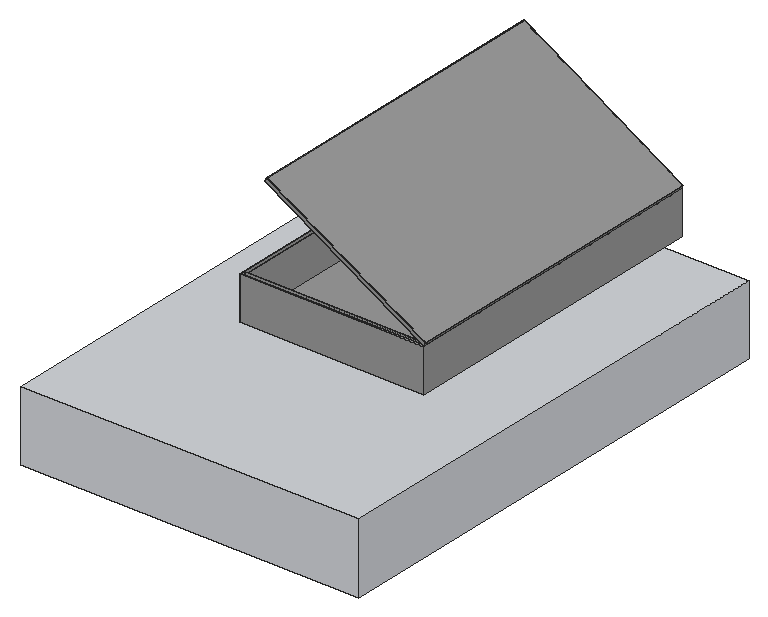
Revit family "Hager-Univers-IP44-D205-H1400-Cl.II-Encl-NL-en", category Equipement électrique, Revit 2020
Family settings
  Hôte = Face
  Configuration du panneau = Deux colonnes, circuits au sein
  Cote de connecteur circulaire = Utiliser le diamètre
  Type d'élément = Tableau de raccordement
  Couper avec des vides une fois chargée = Non
  Partagée = Non
  Point de calcul de pièce = Non
Parameters (values of type "Surface mounted (plaster) IP44 W800 H1400 D205  - FP93QS")
  Width Control [instance] = if([EF000008 - Width] > Min Width, [EF000008 - Width], Min Width)  # 800 mm
  Commentaires du type = [HG000003 - Range]  # "Univers"
  Thickness Door [instance] = if([EF009171 - Material plate thickness door/cover] > 3 mm, 3 mm, [EF009171 - Material plate thickness door/cover])  # 1 mm
  Seal Frame Offset [instance] = 17 mm  # constant formula
  Plinth Visibility [instance] = [HG000027 - Plinth height] > 0 mm  # no
  Model = ""
  Min Width [instance] = 100 mm  # constant formula
  Min Height [instance] = 100 mm  # constant formula
  Min Depth [instance] = (2 * [EF009170 - Material plate thickness cabinet]) + 1 mm  # 3 mm
  Internal Frame Depth [instance] = (Door System Depth * 0.5)  # 9 mm
  Height Control [instance] = if([EF000040 - Height] > Min Height, [EF000040 - Height], Min Height)  # 1400 mm
  HG000027 - Plinth height = 0 mm
  HG000026 - Floor standing = no
  HG000024 - Bottom section height = 800 mm
  HG000023 - Double section enclosure = no
  HG000016 - Door 3d visibility [instance] = yes
  HG000015 - Clearance visibility [instance] = no
  HG000014 - Door on the right [instance] = yes
  HG000013 - Door on the left [instance] = not([HG000014 - Door on the right])  # no
  HG000012 - Door swing angle [instance] = 30.00°
  HG000010 - Asymmetric doors = no
  HG000009 - Double swing door = no
  HG000006 - Flush mounted = no
  HG000004 - Manufacturer reference = "FP93QS"
  HG000003 - Range = "Univers"
  HG000002 - With door or cover = yes
  Frame Offset Bottom [instance] = 10 mm  # constant formula
  Frame Offset [instance] = 15 mm  # constant formula
  EF015940 - Cover with overpressure release = no
  EF011959 - Degree of protection (NEMA) = ""
  EF009554 - Number of openings for flange plates = 6
  EF009212 - Cover model = "EV000116 - Closed"
  EF009171 - Material plate thickness door/cover = 1 mm
  EF009170 - Material plate thickness cabinet = 1 mm
  Fabricant = "Hager"  # constant formula
  EF008873 - Nominal current (In) = 250 A
  EF007800 - Suitable for lightning protection = no
  EF006306 - With lock = no
  EF006244 - Transparent cover/door = no
  EF005474 - Degree of protection (IP) = "EV006418 - IP44"
  EF004464 - Type of door = "EV002646 - Single"
  EF004427 - Number of modules = 324
  EF004293 - Impact strength = "EV006815 - IK09"
  EF003532 - Suitable for outdoor use = no
  EF002950 - Width in number of modular spacings = 36
  EF001613 - Circuit integrity = "EV000494 - None"
  EF001596 - Material housing = "EV000179 - Steel"
  EF001131 - Internal depth = 143 mm
  EF001088 - Extension possible = yes
  EF000437 - Number of conduit inlets = 6
  EF000339 - Type of cover = "EV001012 - Cover"
  EF000266 - Number of rows = 9
  EF000218 - Built-in depth = 0 mm
  EF000118 - With mounting plate = no
  EF000116 - RAL-number = "9010"
  EF000049 - Depth = 205 mm
  EF000040 - Height = 1400 mm
  EF000008 - Width = 800 mm
  EF000007 - Colour = "EV000202 - White"
  EF000003 - Mounting method = "EV000384 - Surface mounted (plaster)"
  Door System Leaf Tolerance [instance] = 1.5 mm  # constant formula
  Door System Depth [instance] = 18 mm  # constant formula
  Door Height [instance] = Height Control - [HG000027 - Plinth height]  # 1400 mm
  Depth Control [instance] = if([EF000049 - Depth] > Min Depth, [EF000049 - Depth], Min Depth)  # 205 mm
  Default Elevation = 0 mm
  Connector Offset [instance] = Height Control / 2  # 700 mm
  Bottom Top Plate Trim [instance] = 1.5 mm  # constant formula
  Plinth height Ctrl [instance] = if([HG000027 - Plinth height] > 0 mm, [HG000027 - Plinth height], 12 mm)  # 12 mm
Types (5, lengths in mm): name | Width Control | HG000009 - Double swing door | HG000004 - Manufacturer reference | EF009554 - Number of openings for flange plates | EF004464 - Type of door | EF004427 - Number of modules | EF002950 - Width in number of modular spacings | EF000437 - Number of conduit inlets | EF000008 - Width
  Surface mounted (plaster) IP44 W1050 H1400 D205  - FP94QS | 1050 | yes | "FP94QS" | 8 | "EV003602 - Double" | 432 | 48 | 8 | 1050
  Surface mounted (plaster) IP44 W1300 H1400 D205  - FP95QS | 1300 | yes | "FP95QS" | 10 | "EV003602 - Double" | 540 | 60 | 10 | 1300
  Surface mounted (plaster) IP44 W300 H1400 D205  - FP91QS | 300 | no | "FP91QS" | 2 | "EV002646 - Single" | 108 | 12 | 2 | 300
  Surface mounted (plaster) IP44 W550 H1400 D205  - FP92QS | 550 | no | "FP92QS" | 4 | "EV002646 - Single" | 216 | 24 | 4 | 550
  Surface mounted (plaster) IP44 W800 H1400 D205  - FP93QS | 800 | no | "FP93QS" | 6 | "EV002646 - Single" | 324 | 36 | 6 | 800
Reference planes
  plane 1 "Center (Front/Back)": y = 0
  plane 2: z = 0
  plane 3 "Center (Left/Right)": x = 0
  plane 4: z = 205
  plane 5: y = 1
  plane 6: y = 700
  plane 7: y = 0
  plane 8: y = 1400
  plane 9: z = 0
  plane 10: x = -385
  plane 11: x = 385
  plane 12: x = 384
  plane 13: x = -384
  plane 14: y = 1399
  plane 15: x = -383
  plane 16: x = -400
  plane 17: x = 383
  plane 18: x = 400
  plane 19: x = 399
  plane 20: x = -399
  plane 21: y = 11
  plane 22: y = 1400
  plane 23: y = 1384
  plane 24: z = 187
  plane 25: z = 1
  plane 26: z = 186
  plane 27: z = 204
Forms (mm)
  Extrusion 1, solid
    sketch origin (0, 0, 0) x (1, 0, 0) y (0, 1, 0)
      loop
        line (-702.964, 1305) -> (-702.964, -811.445) -> (766.763, -811.445) -> (766.763, 1305) -> (-702.964, 1305)
    from 0 to -304.8
  Extrusion 2, solid, material "Hager_Steel_RAL7035_Light_Grey", visible <- "Plinth Visibility", detail levels medium+fine
    sketch origin (0, 0, 0) x (1, 0, 0) y (0, 1, 0)
      loop
        line (-400, 0) -> (400, 0) -> (400, 12) -> (-400, 12) -> (-400, 0)
    from 0 to 187
  Extrusion 3, solid, material "Hager_Steel_RAL7035_Light_Grey", detail levels medium+fine
    sketch origin (0, 0, 0) x (1, 0, 0) y (0, 1, 0)
      loop
        line (-400, 0) -> (400, 0) -> (400, 1400) -> (-400, 1400) -> (-400, 0)
    from 0 to 187
  Extrusion 4, void
    sketch origin (0, 0, 0) x (1, 0, 0) y (0, 1, 0)
      loop
        line (-399, 1) -> (399, 1) -> (399, 1399) -> (-399, 1399) -> (-399, 1)
    from 1 to 186
  Extrusion 5, void
    sketch origin (-381.607, -4572, 187) x (0, -1, 0) y (-1, 0, 0)
      loop
        line (-4583, 2.393) -> (-5956, 2.393) -> (-5956, -765.607) -> (-4583, -765.607) -> (-4583, 2.393)
    from 0 to 1 <- "EF009170 - Material plate thickness cabinet"
  Extrusion 6, solid, material "Hager_Steel_RAL7035_Light_Grey", detail levels fine
    sketch origin (0, 0, 187) x (1, 0, 0) y (0, 1, 0)
      loop
        line (-384, 1384) -> (-384, 11) -> (384, 11) -> (384, 1384) -> (-384, 1384)
      loop
        line (-385, 10) -> (385, 10) -> (385, 1385) -> (-385, 1385) -> (-385, 10)
    from 0 to 9 <- "Internal Frame Depth"
  Extrusion 7, solid, material "Hager_Steel_RAL7035_Light_Grey", detail levels coarse
    sketch origin (0, 0, 0) x (1, 0, 0) y (0, 1, 0)
      loop
        line (-400, 0) -> (400, 0) -> (400, 1400) -> (-400, 1400) -> (-400, 0)
    from 0 to 205
  Sweep 8, void
    path in 3D
      loop
        line (-400, 12, 0) -> (400, 12, 0) -> (400, 12, 187) -> (-400, 12, 187) -> (-400, 12, 0)
    profile origin (-400, 12, 93.5) x (-1, 0, 0) y (0, -1, 0)
      loop
        line (0, 0) -> (0, 1.5) -> (-1.5, 1.5)
        arc (-1.5, 1.5) -> (-1.061, 0.439) -> (0, 0) r 1.5
Cuts and joins
  Extrusion 4, Extrusion 5 cuts Extrusion 3
  Sweep 8 cuts Extrusion 2
Lines and regions (mm)
  Masking region 1
    outline origin (0, 0, 0) x (1, 0, 0) y (0, 0, 1)
      loop
        line (-400, 205) -> (-400, 0) -> (400, 0) -> (400, 205) -> (-400, 205)
  Masking region 2, detail levels medium+fine
    outline origin (0, 140, 0) x (0, 1, 0) y (0, 0, 1)
      loop
        line (-140, 0) -> (1260, 0) -> (1260, 187) -> (-140, 187) -> (-140, 0)
  Masking region 3, not visible, detail levels medium+fine
    outline origin (0, 297.922, 0) x (0, 1, 0) y (0, 0, 1)
      loop
        line (413.578, 0) -> (453.578, 0) -> (453.578, 194)
        arc (453.578, 194) -> (450.649, 201.071) -> (443.578, 204) r 10
        line (443.578, 204) -> (413.578, 204) -> (413.578, 0)
  Masking region 4, detail levels coarse
    outline origin (0, 0, 180) x (0, 1, 0) y (0, 0, 1)
      loop
        line (0, -180) -> (1400, -180) -> (1400, 25) -> (0, 25) -> (0, -180)
  Masking region 5, visible <- "Plinth Visibility", detail levels medium+fine
    outline origin (0, 52.24, 12.345) x (0, 0, -1) y (0, 1, 0)
      loop
        line (10.845, -40.24) -> (-173.155, -40.24)
        arc (-173.155, -40.24) -> (-173.594, -41.301) -> (-174.655, -41.74) r 1.5
        line (-174.655, -41.74) -> (-174.655, -52.24) -> (12.345, -52.24) -> (12.345, -41.74)
        arc (12.345, -41.74) -> (11.285, -41.301) -> (10.845, -40.24) r 1.5
  Masking region 6, detail levels medium+fine
    outline origin (-381.607, -4572, 187) x (-1, 0, 0) y (0, -1, 0)
      loop
        line (18.393, -5972) -> (18.393, -4572) -> (-781.607, -4572) -> (-781.607, -5972) -> (18.393, -5972)
  Masking region 7, visible <- "Plinth Visibility", detail levels medium+fine
    outline origin (-381.607, -4727, 187) x (-1, 0, 0) y (0, -1, 0)
      loop
        arc (16.893, -4739) -> (17.332, -4737.939) -> (18.393, -4737.5) r 1.5
        line (18.393, -4737.5) -> (18.393, -4727) -> (-781.607, -4727) -> (-781.607, -4737.5)
        arc (-781.607, -4737.5) -> (-780.546, -4737.939) -> (-780.107, -4739) r 1.5
        line (-780.107, -4739) -> (16.893, -4739)
  Masking region 8, detail levels coarse
    outline origin (-442.548, -4669.526, 187) x (-1, 0, 0) y (0, -1, 0)
      loop
        line (-42.548, -6069.526) -> (-42.548, -4669.526) -> (-842.548, -4669.526) -> (-842.548, -6069.526) -> (-42.548, -6069.526)
  sketch lines
    curve 1: line (-400, 12, 187) -> (-400, 12, 0)
    curve 2: line (400, 12, 187) -> (-400, 12, 187)
    curve 3: line (400, 12, 187) -> (400, 12, 0)
    curve 4: line (-400, 12, 0) -> (400, 12, 0)
Dimensions and locks
  "Depth Control": plane 4 to Extrusion 1
  "HG000027 - Plinth height": plane 1 "Center (Front/Back)" to plane 7
  "EF009170 - Material plate thickness cabinet": plane 5 to plane 7
  locked: connector elem to plane 3 "Center (Left/Right)"
  equal spacing: plane 8, plane 6, plane 7
  locked: connector elem to plane 6
  "EF009170 - Material plate thickness cabinet": plane 8 to plane 14
  "EF009170 - Material plate thickness cabinet": plane 10 to plane 13
  "EF009170 - Material plate thickness cabinet": plane 12 to plane 11
  "Frame Offset": plane 20 to plane 13
  "Frame Offset": plane 12 to plane 19
  "EF009170 - Material plate thickness cabinet": plane 16 to plane 20
  "EF009170 - Material plate thickness cabinet": plane 19 to plane 18
  "Seal Frame Offset": plane 16 to plane 15
  "Seal Frame Offset": plane 17 to plane 18
  "Frame Offset Bottom": plane 21 to plane 5
  "Frame Offset": plane 14 to plane 23
  equal spacing: plane 16, plane 3 "Center (Left/Right)", plane 18
  "Width Control": plane 16 to plane 18
  "EF009170 - Material plate thickness cabinet": plane 4 to plane 27
  "EF009170 - Material plate thickness cabinet": plane 24 to plane 26
  "EF009170 - Material plate thickness cabinet": plane 25 to level
  "Door System Depth": plane 4 to plane 24
  "Height Control": plane 1 "Center (Front/Back)" to Extrusion 7 sketch curve
  "Height Control": Masking region 4 sketch curve to plane 1 "Center (Front/Back)"
  "Height Control": plane 1 "Center (Front/Back)" to plane 22
  "Bottom Top Plate Trim": profile plane to Sweep 8 sketch curve
  "Bottom Top Plate Trim": Sweep 8 sketch curve to profile plane
  "Plinth height Ctrl": plane 1 "Center (Front/Back)" to Extrusion 2 sketch curve
  "Plinth height Ctrl": Masking region 5 sketch curve to plane 1 "Center (Front/Back)"
  "Plinth height Ctrl": plane 1 "Center (Front/Back)" to Masking region 7 sketch curve
  "Thickness Door": Extrusion 6 sketch curve to Extrusion 6 sketch curve  (x3)
  "Thickness Door": cut or joined group of Extrusion 3, Extrusion 4, Extrusion 5 to Extrusion 6 sketch curve
  radius of Masking region 3 sketch curve = 10 mm
  "Bottom Top Plate Trim": radius of Masking region 5 sketch curve  (x2)
  "Bottom Top Plate Trim": radius of Sweep 8 sketch curve
  "Bottom Top Plate Trim": radius of Masking region 7 sketch curve  (x2)
  aligned and locked: plane 2 to Extrusion 1
  aligned and locked: level to Extrusion 1
  aligned and locked: level to Masking region 1 sketch curve
  aligned and locked: Masking region 1 sketch curve to plane 18
  aligned and locked: Masking region 1 sketch curve to plane 16
  aligned and locked: plane 7 to Masking region 2 sketch curve
  aligned and locked: level to Masking region 3 sketch curve
  aligned and locked: Masking region 3 sketch curve to plane 27
  aligned and locked: level to Masking region 2 sketch curve
  aligned and locked: plane 1 "Center (Front/Back)" to Extrusion 2 sketch curve
  aligned and locked: Extrusion 3 sketch curve to plane 7
  aligned and locked: plane 16 to Extrusion 3 sketch curve
  aligned and locked: plane 18 to Extrusion 3 sketch curve
  aligned and locked: plane 20 to Extrusion 4 sketch curve
  aligned and locked: plane 19 to Extrusion 4 sketch curve
  aligned and locked: Extrusion 4 sketch curve to plane 5
  aligned and locked: Extrusion 4 to plane 25
  aligned and locked: plane 26 to Extrusion 4
  aligned and locked: plane 24 to Extrusion 3
  aligned and locked: Extrusion 5 sketch curve to plane 21
  aligned and locked: Extrusion 5 sketch curve to plane 13
  aligned and locked: Extrusion 5 sketch curve to plane 12
  aligned and locked: plane 18 to Extrusion 7 sketch curve
  aligned and locked: plane 1 "Center (Front/Back)" to Extrusion 7 sketch curve
  aligned and locked: plane 16 to Extrusion 7 sketch curve
  aligned and locked: plane 4 to Extrusion 7
  aligned and locked: Extrusion 7 to level
  aligned and locked: level to Masking region 4 sketch curve
  aligned and locked: Masking region 4 sketch curve to plane 1 "Center (Front/Back)"
  aligned and locked: Masking region 4 sketch curve to plane 4
  aligned and locked: nested 1 to level
  aligned and locked: nested 1 to plane 16
  aligned and locked: plane 8 to Extrusion 3 sketch curve
  aligned and locked: plane 23 to Extrusion 5 sketch curve
  aligned and locked: plane 14 to Extrusion 4 sketch curve
  aligned and locked: Masking region 2 sketch curve to plane 8
  aligned and locked: level to Masking region 5 sketch curve
  aligned and locked: plane 16 to Extrusion 2 sketch curve
  aligned and locked: plane 18 to Extrusion 2 sketch curve
  aligned and locked: Masking region 5 sketch curve to plane 24
  aligned and locked: Masking region 2 sketch curve to plane 24
  aligned and locked: plane 24 to Extrusion 2
  aligned and locked: profile plane to Sweep 8 sketch curve  (x2)
  aligned and locked: Masking region 6 sketch curve to plane 18
  aligned and locked: Masking region 6 sketch curve to plane 22
  aligned and locked: Masking region 6 sketch curve to plane 16
  aligned and locked: plane 8 to plane 22
  aligned and locked: Masking region 6 sketch curve to plane 7
  aligned and locked: Masking region 7 sketch curve to plane 16
  aligned and locked: Masking region 7 sketch curve to plane 1 "Center (Front/Back)"
  aligned and locked: Masking region 7 sketch curve to plane 18
  aligned and locked: Masking region 8 sketch curve to plane 1 "Center (Front/Back)"
  aligned and locked: Masking region 8 sketch curve to plane 18
  aligned and locked: Masking region 8 sketch curve to plane 22
  aligned and locked: Masking region 8 sketch curve to plane 16
  aligned and locked: nested 2 to plane 7
  aligned and locked: plane 3 "Center (Left/Right)" to nested 2
  aligned and locked: nested 2 to plane 24
  aligned and locked: Extrusion 6 sketch curve to cut or joined group of Extrusion 3, Extrusion 4, Extrusion 5  (x4)
Automatic sketch dimensions
  Extrusion 1 sketch curve to Extrusion 1 sketch curve = 1469.727 mm
  Extrusion 1 sketch curve to Extrusion 1 sketch curve = 2116.445 mm
  Masking region 1 sketch curve to plane 4 = 0 mm
  plane 6 to Masking region 3 sketch curve = 11.5 mm
  Masking region 3 sketch curve to Masking region 3 sketch curve = 30 mm
  Masking region 5 sketch curve to plane 1 "Center (Front/Back)" = 0 mm
Nested families
  nested 1: "Hager_Enclosure_Symbol" at (-400, 0, 0) x (1, 0, 0) z (0, -1, 0), Height <- "Depth Control", Width <- "Width Control", type "Hager_Enclosure_Symbol"
    with Width_Ctrl 800 mm, Width 800 mm, Height_Ctrl 205 mm, Height 205 mm, A_Width_Int 13.453 mm, A_Width 161.438 mm, A_Height_Ctrl 179.375 mm, A_Height 179.375 mm
  nested 2: "EC000058_Univers_Door" at (0, 0, 187) x (1, 0, 0) z (0, 1, 0), Leaf_Tolerance <- "Door System Leaf Tolerance", Angle <- "HG000012 - Door swing angle", Door_Depth <- "Door System Depth", Door_Left <- "HG000013 - Door on the left", Transparent <- "EF006244 - Transparent cover/door", Assymetrical <- "HG000010 - Asymmetric doors", Width <- "Width Control", Clearance <- "HG000015 - Clearance visibility", Double <- "HG000009 - Double swing door", 3d_Door <- "HG000016 - Door 3d visibility", Lock_Visibility <- "EF006306 - With lock", Width_Ctrl <- "Width Control", Door_Right <- "HG000014 - Door on the right", Door <- "HG000002 - With door or cover", Height <- "Door Height", Thickness <- "Thickness Door", type "EC000058_Univers_Door", detail levels medium+fine
    with min_wh 3 mm, Width_Ctrl 800 mm, Width 800 mm, Transparent no, Thickness 1 mm, Seal_Material Hager_Rubber, Lock_Visibility no, Lock_Material Hager_Plastic_RAL9005_Jet_Black, Leaf_Width 800 mm, Leaf_Tolerance_External_Sides 0 mm, Leaf_Tolerance 1.5 mm, Leaf_Offset 0 mm, Leaf_Height 1397 mm, Leaf_2_Width 800 mm, Leaf_2_Offset 400 mm, Leaf_1_Width 800 mm, Leaf_1_Offset 400 mm, Height_Ctrl 1400 mm, Height 1400 mm, Glass_Material Hager_Glass, Double_Clearance_Ctrl no, Double no, Door_Right_Ctrl yes, Door_Right yes, Door_Material Hager_Steel_RAL7035_Light_Grey, Door_Left_Ctrl no, Door_Left no, Door_Depth 18 mm, Door yes, Clearance_Material Hager_Clearance, Clearance_Depth 800 mm, Clearance_Ctrl no, Clearance no, Assymetrical no, Angle 30.00°, 3d_Door yes
Connectors
  electrical at (0, 700, 0)
    settings: on plane 9, index 1, voltage 0 V, apparent load 0 VA, apparent load phase1 0 VA, apparent load phase2 0 VA, apparent load phase3 0 VA, power factor 1, load classification "Other", number of poles 1, system type 30, power factor state 1, is connector primary yes, connector utility no, sub classification motor no, connector description ""
Definition of nested family "EC000058_Univers_Door"
  Parameters (values of type "EC000058_Univers_Door")
    min_wh [instance] = (2 * Thickness) + 1 mm  # 11 mm
    Width_Ctrl [instance] = 400 mm
    Width [instance] = 500 mm
    Transparent [instance] = yes
    Thickness [instance] = 5 mm
    Seal_Material [instance] = none
    Lock_Visibility [instance] = yes
    Lock_Material [instance] = none
    Leaf_Width [instance] = if((Width_Ctrl - 2 * Leaf_Tolerance_External_Sides) > 0 mm, (Width_Ctrl - 2 * Leaf_Tolerance_External_Sides), min_wh)  # 400 mm
    Leaf_Tolerance_External_Sides [instance] = 0 mm  # constant formula
    Leaf_Tolerance [instance] = 1.5 mm
    Leaf_Offset [instance] = 0 mm  # constant formula
    Leaf_Height [instance] = if((Height_Ctrl - 2 * Leaf_Tolerance) > 0 mm, (Height_Ctrl - 2 * Leaf_Tolerance), min_wh)  # 497 mm
    Leaf_2_Width [instance] = if(and(and(Double, Assymetrical), Door_Left), (Leaf_Width / 3) - (Leaf_Tolerance / 2), if(and(and(Double, Assymetrical), Door_Right), (Leaf_Width / 3) * 2 - (Leaf_Tolerance / 2), if(and(Double, not(Assymetrical)), (Leaf_Width / 2) - Leaf_Tolerance, Leaf_Width)))  # 400 mm
    Leaf_2_Offset [instance] = if(and(Double, Assymetrical), Leaf_2_Width / 2, if(and(Double, not(Assymetrical)), Leaf_Width / 4, Leaf_Width / 2))  # 200 mm
    Leaf_1_Width [instance] = if(and(and(Double, Assymetrical), Door_Right), (Leaf_Width / 3) - (Leaf_Tolerance / 2), if(and(and(Double, Assymetrical), Door_Left), (Width / 3) * 2 - (Leaf_Tolerance / 2), if(and(Double, not(Assymetrical)), (Leaf_Width / 2) - Leaf_Tolerance, Leaf_Width)))  # 400 mm
    Leaf_1_Offset [instance] = if(and(Double, Assymetrical), Leaf_1_Width / 2, if(and(Double, not(Assymetrical)), Leaf_Width / 4, Leaf_Width / 2))  # 200 mm
    Height_Ctrl [instance] = if(Height > min_wh, Height, min_wh)  # 500 mm
    Height [instance] = 500 mm
    Glass_Material [instance] = none
    Double_Clearance_Ctrl [instance] = and(Double, Clearance)  # no
    Double [instance] = no
    Door_Right_Ctrl [instance] = and(or(Door_Right, Double), Door)  # yes
    Door_Right [instance] = yes
    Door_Material [instance] = none
    Door_Left_Ctrl [instance] = and(or(Door_Left, Double), Door)  # no
    Door_Left [instance] = no
    Door_Depth [instance] = 30 mm
    Door [instance] = yes
    Default Elevation = 1219.2 mm
    Clearance_Material [instance] = none
    Clearance_Depth [instance] = if(Leaf_1_Width > Leaf_2_Width, Leaf_1_Width, Leaf_2_Width)  # 400 mm
    Clearance_Ctrl [instance] = and(not(Double), Clearance)  # yes
    Clearance [instance] = yes
    Assymetrical [instance] = yes
    Angle [instance] = 30.00°
    3d_Door [instance] = yes
  Reference planes
    plane 1 "Center (Front/Back)": y = 0
    plane 2 "Bottom": z = 0
    plane 3 "Center (Left/Right)": x = 0
    plane 4: z = 500
    plane 5: x = -200
    plane 6: x = 200
    plane 7: z = 500
    plane 8: x = -200
    plane 9: z = 0
    plane 10: x = 200
    plane 11: y = 0
    plane 12: z = 1.5
    plane 13: x = -600
    plane 14: y = -400
    plane 15: x = 600
    plane 16: x = 0
    plane 17: x = 0
    plane 18: x = -200
    plane 19: x = 200
    plane 20: z = 498.5
  Forms (mm)
    Extrusion 1, solid, material <- "Clearance_Material", visible <- "Double_Clearance_Ctrl"
      sketch origin (1200, 0, 0) x (1, 0, 0) y (0, 0, -1)
        loop
          line (-1800, -498.5) -> (-600, -498.5) -> (-600, 0) -> (-1800, 0) -> (-1800, -498.5)
      from 0 to -400
  Dimensions and locks
    equal spacing: plane 5, plane 3 "Center (Left/Right)", plane 6
    "Width_Ctrl": plane 5 to plane 6
    "Leaf_Offset": plane 5 to plane 8
    "Leaf_Offset": plane 6 to plane 10
    "Leaf_Offset": plane 9 to level
    "Leaf_Offset": plane 4 to plane 7
    "Height_Ctrl": plane 4 to level
    "Leaf_Tolerance": plane 12 to plane 9
    locked: plane 11 to plane 1 "Center (Front/Back)"
    "Leaf_1_Offset": plane 18 to plane 16
    "Leaf_2_Offset": plane 17 to plane 19
    "Leaf_1_Width": plane 13 to plane 8
    "Leaf_2_Width": plane 10 to plane 15
    "Clearance_Depth": plane 14 to plane 1 "Center (Front/Back)"
    "Leaf_Tolerance_External_Sides": plane 8 to plane 18
    "Leaf_Tolerance_External_Sides": plane 19 to plane 10
    "Leaf_Tolerance": plane 7 to plane 20
    aligned and locked: level to plane 2 "Bottom"
    aligned and locked: nested 1 to plane 16
    aligned and locked: nested 2 to plane 17
    aligned and locked: Extrusion 1 to plane 13
    aligned and locked: plane 15 to Extrusion 1
    aligned and locked: Extrusion 1 to plane 14
    aligned and locked: plane 12 to nested 1
    aligned and locked: nested 2 to plane 12
    aligned and locked: Extrusion 1 to plane 11
    aligned and locked: plane 20 to Extrusion 1
    aligned and locked: nested 2 to plane 11
    aligned and locked: nested 1 to plane 11
  Automatic sketch dimensions
    Extrusion 1 sketch curve to level = 0 mm
    plane 5 to Extrusion 1 sketch curve = 400 mm
    plane 6 to Extrusion 1 sketch curve = 400 mm
    Extrusion 1 sketch curve to plane 4 = 1.5 mm
  Nested families
    nested 1: "EC000058_Univers_Door_Leaf" at (0, 0, 1.5), Width <- "Leaf_1_Width", visible <- "Door_Left_Ctrl", Leaf_Height <- "Leaf_Height", Angle <- "Angle", 3d_Door <- "3d_Door", Transparent <- "Transparent", Clearance Material <- "Clearance_Material", Clearance <- "Clearance_Ctrl", Door_Material <- "Door_Material", Glass_Material <- "Glass_Material", Door_Depth <- "Door_Depth", Lock_Material <- "Lock_Material", Seal_Material <- "Seal_Material", Lock_Visibility <- "Lock_Visibility", Thickness <- "Thickness", type "EC000058_Univers_Door_Leaf"
      with Width 400 mm, Transparent_Glass_Offset 30 mm, Transparent_Ctrl yes, Transparent yes, Thickness 5 mm, Standard no, Seal_Material none, Seal_D2 8 mm, Seal_D1 1 mm, Offset_Internal_Frame 10 mm, Lock_Width 20 mm, Lock_Visibility_3d yes, Lock_Visibility yes, Lock_Thickness_3 3 mm, Lock_Thickness_2 1 mm, Lock_Thickness_1 3 mm, Lock_Radius_Offset_2 16 mm, Lock_Radius_Offset_1 15 mm, Lock_Radius_2 5 mm, Lock_Radius 6 mm, Lock_Offset 5 mm, Lock_Material none, Lock_Height 80 mm, Lock_Cover_Top_Offset_2d 17 mm, Lock_Cover_Height -65 mm, Leaf_Height 497 mm, Internal_Seal_Thickness 8 mm, Internal_Seal_Depth_2 4.5 mm, Internal_Frame_Depth 25 mm, Glass_Thickness -1 mm, Glass_Offset -2 mm, Glass_Material none, Door_Material none, Door_Depth 30 mm, Clearance Material none, Clearance yes, Angle_Ctrl 30.00°, Angle 30.00°, 3d_Door yes
    nested 2: "EC000058_Univers_Door_Leaf" at (0, 0, 1.5) x (-1, 0, 0) z (0, 0, 1), Width <- "Leaf_2_Width", visible <- "Door_Right_Ctrl", Leaf_Height <- "Leaf_Height", Angle <- "Angle", 3d_Door <- "3d_Door", Transparent <- "Transparent", Clearance Material <- "Clearance_Material", Clearance <- "Clearance_Ctrl", Door_Material <- "Door_Material", Glass_Material <- "Glass_Material", Door_Depth <- "Door_Depth", Lock_Material <- "Lock_Material", Seal_Material <- "Seal_Material", Lock_Visibility <- "Lock_Visibility", Thickness <- "Thickness", type "EC000058_Univers_Door_Leaf"
      with Width 400 mm, Transparent_Glass_Offset 30 mm, Transparent_Ctrl yes, Transparent yes, Thickness 5 mm, Standard no, Seal_Material none, Seal_D2 8 mm, Seal_D1 1 mm, Offset_Internal_Frame 10 mm, Lock_Width 20 mm, Lock_Visibility_3d yes, Lock_Visibility yes, Lock_Thickness_3 3 mm, Lock_Thickness_2 1 mm, Lock_Thickness_1 3 mm, Lock_Radius_Offset_2 16 mm, Lock_Radius_Offset_1 15 mm, Lock_Radius_2 5 mm, Lock_Radius 6 mm, Lock_Offset 5 mm, Lock_Material none, Lock_Height 80 mm, Lock_Cover_Top_Offset_2d 17 mm, Lock_Cover_Height -65 mm, Leaf_Height 497 mm, Internal_Seal_Thickness 8 mm, Internal_Seal_Depth_2 4.5 mm, Internal_Frame_Depth 25 mm, Glass_Thickness -1 mm, Glass_Offset -2 mm, Glass_Material none, Door_Material none, Door_Depth 30 mm, Clearance Material none, Clearance yes, Angle_Ctrl 30.00°, Angle 30.00°, 3d_Door yes
  Definition of nested family "EC000058_Univers_Door_Leaf"
    Parameters (values of type "EC000058_Univers_Door_Leaf")
      Width [instance] = 2000 mm
      Transparent_Glass_Offset [instance] = 30 mm
      Transparent_Ctrl [instance] = and(Transparent, [3d_Door])  # yes
      Transparent [instance] = yes
      Thickness [instance] = 5 mm
      Standard [instance] = and(not(Transparent), [3d_Door])  # no
      Seal_Material [instance] = none
      Seal_D2 [instance] = 8 mm  # constant formula
      Seal_D1 [instance] = 1 mm  # constant formula
      Offset_Internal_Frame [instance] = 10 mm  # constant formula
      Lock_Width [instance] = 20 mm  # constant formula
      Lock_Visibility_3d [instance] = and(Lock_Visibility, [3d_Door])  # yes
      Lock_Visibility [instance] = yes
      Lock_Thickness_3 [instance] = 3 mm  # constant formula
      Lock_Thickness_2 [instance] = 1 mm  # constant formula
      Lock_Thickness_1 [instance] = 3 mm  # constant formula
      Lock_Radius_Offset_2 [instance] = Lock_Radius_Offset_1 + 1 mm  # 16 mm
      Lock_Radius_Offset_1 [instance] = 15 mm  # constant formula
      Lock_Radius_2 [instance] = Lock_Radius - 1 mm  # 5 mm
      Lock_Radius [instance] = 6 mm  # constant formula
      Lock_Offset [instance] = 5 mm  # constant formula
      Lock_Material [instance] = none
      Lock_Height [instance] = 80 mm  # constant formula
      Lock_Cover_Top_Offset_2d [instance] = Lock_Radius_Offset_2 + 1 mm  # 17 mm
      Lock_Cover_Height [instance] = -(Lock_Height - Lock_Radius_Offset_1)  # -65 mm
      Leaf_Height [instance] = 2720.336 mm
      Internal_Seal_Thickness [instance] = 8 mm  # constant formula
      Internal_Seal_Depth_2 [instance] = 4.5 mm  # constant formula
      Internal_Frame_Depth [instance] = if(Door_Depth - Thickness > 5 mm, Door_Depth - Thickness, 5 mm)  # 25 mm
      Glass_Thickness [instance] = if(Thickness > 15 mm, Glass_Offset + 10 mm, -1 mm)  # -1 mm
      Glass_Offset [instance] = if(Thickness > 15 mm, -(Thickness + 10 mm) / 2, -2 mm)  # -2 mm
      Glass_Material [instance] = none
      Door_Material [instance] = none
      Door_Depth [instance] = 30 mm
      Default Elevation = 0 mm
      Clearance Material [instance] = none
      Clearance [instance] = yes
      Angle_Ctrl [instance] = if(Angle > 180.00°, 180.00°, Angle)  # 90.00°
      Angle [instance] = 90.00°
      3d_Door [instance] = yes
    Reference planes
      plane 1 "Center (Front/Back)": y = 0
      plane 2: z = 0
      plane 3 "Center (Left/Right)": x = 0
      plane 4: y = 2000
      plane 5: x = -1000
      plane 6: x = 1000
      plane 7: x = -3000
      plane 8: z = 2720.336
      plane 9: z = 30
      plane 10: z = 2690.336
      plane 11: x = 970
      plane 12: x = -970
      plane 13: y = -3
      plane 14: z = 107.833
      plane 15: y = -5
      plane 16: y = -223.314
      plane 17: x = -1000
      plane 18: z = 1360.168
      plane 19: y = 30
    Forms (mm)
      Extrusion 1, solid, material <- "Clearance Material", visible <- "Clearance"
        sketch origin (0, 0, 0) x (1, 0, 0) y (0, 0, 1)
          loop
            line (-3000, 2720.336) -> (-3000, 0) -> (1000, 0) -> (1000, 2720.336) -> (-3000, 2720.336)
        from 0 to -2000
      Extrusion 2, solid, material <- "Door_Material", visible <- "Standard", detail levels medium+fine
        sketch origin (-1000, 0, 0) x (0, 1, 0) y (-1, 0, 0)
          loop
            line (0, 30) -> (0, 25) -> (2000, 25) -> (2000, 30) -> (0, 30)
        from 0 to 2720.336 <- "Leaf_Height"
      Extrusion 3, solid, material <- "Door_Material", visible <- "Transparent_Ctrl", detail levels medium+fine
        sketch origin (-1000, 0, 0) x (0, 1, 0) y (-1, 0, 0)
          loop
            line (0, 25) -> (2000, 25) -> (2000, 30) -> (0, 30) -> (0, 25)
        from 0 to 2720.336 <- "Leaf_Height"
      Extrusion 4, void
        sketch origin (-1025, 2000, 0) x (0, 1, 0) y (0, 0, -1)
          loop
            line (-30, -2690.336) -> (-30, -30) -> (-1970, -30) -> (-1970, -2690.336) -> (-30, -2690.336)
        from 0 to 5 <- "Thickness"
      Sweep 5, solid, material <- "Seal_Material", visible <- "Transparent_Ctrl", detail levels fine
        path in 3D
          loop
            line (-1025, 30, 30) -> (-1025, 30, 2690.336) -> (-1025, 1970, 2690.336) -> (-1025, 1970, 30) -> (-1025, 30, 30)
        profile origin (-1025, 1000, 30) x (1, 0, 0) y (0, 0, 1)
          loop
            line (0, 0) -> (0, -8) -> (1, -8) -> (1, 0) -> (0, 0)
      Extrusion 6, solid, material <- "Glass_Material", visible <- "Transparent_Ctrl", detail levels medium+fine
        sketch origin (-1030, 0, 0) x (0, 1, 0) y (0, 0, -1)
          loop
            line (1970, -2690.336) -> (1970, -30) -> (30, -30) -> (30, -2690.336) -> (1970, -2690.336)
        from -2 <- "Glass_Offset" to -1 <- "Glass_Thickness"
      Extrusion 7, solid, material <- "Door_Material", visible <- "3d_Door", detail levels medium+fine
        sketch origin (-1025, 2000, 0) x (0, -1, 0) y (0, 0, -1)
          loop
            line (0, -2720.336) -> (2000, -2720.336) -> (2000, 0) -> (0, 0) -> (0, -2720.336)
          loop
            line (1995, -5) -> (5, -5) -> (5, -2715.336) -> (1995, -2715.336) -> (1995, -5)
        from 0 to 25 <- "Internal_Frame_Depth"
      Sweep 8, solid, material <- "Seal_Material", visible <- "Transparent_Ctrl", detail levels fine
        path in 3D
          loop
            line (-1025, 0, 0) -> (-1025, 2000, 0) -> (-1025, 2000, 2720.336) -> (-1025, 0, 2720.336) -> (-1025, 0, 0)
        profile origin (-1025, 0, 1360.168) x (1, 0, 0) y (0, 1, 0)
          loop
            line (0, 10) -> (2.975, 10)
            arc (2.975, 10) -> (4.053, 10.447) -> (4.5, 11.525) r 1.525
            line (4.5, 11.525) -> (4.5, 16.527)
            arc (4.5, 16.527) -> (4.069, 17.569) -> (3.027, 18) r 1.473
            line (3.027, 18) -> (0, 18) -> (0, 10)
      Extrusion 9, solid, material <- "Lock_Material", visible <- "Lock_Visibility_3d", detail levels fine
        sketch origin (-1030, 0, 0) x (0, 1, 0) y (0, 0, -1)
          loop
            arc (1993.5, -1400.168) -> (1994.561, -1399.729) -> (1995, -1398.668) r 1.5
            line (1995, -1398.668) -> (1995, -1320.168) -> (1975, -1320.168) -> (1975, -1398.668)
            arc (1975, -1398.668) -> (1975.439, -1399.729) -> (1976.5, -1400.168) r 1.5
            line (1976.5, -1400.168) -> (1993.5, -1400.168)
        from 3 <- "Lock_Thickness_1" to 0
      Blend 10, solid, material <- "Lock_Material", visible <- "Lock_Visibility_3d", detail levels fine
        base sketch origin (-1033, 0, 0) x (0, 1, 0) y (0, 0, -1)
          loop
            line (1975, -1320.168) -> (1975, -1398.668)
            arc (1975, -1398.668) -> (1975.439, -1399.729) -> (1976.5, -1400.168) r 1.5
            line (1976.5, -1400.168) -> (1993.5, -1400.168)
            arc (1993.5, -1400.168) -> (1994.561, -1399.729) -> (1995, -1398.668) r 1.5
            line (1995, -1398.668) -> (1995, -1320.168) -> (1975, -1320.168)
        top sketch origin (-1033, 0, 0) x (0, 1, 0) y (0, 0, -1)
          loop
            line (1976, -1320.168) -> (1976, -1398.668)
            arc (1976, -1398.668) -> (1976.146, -1399.022) -> (1976.5, -1399.168) r 0.5
            line (1976.5, -1399.168) -> (1993.5, -1399.168)
            arc (1993.5, -1399.168) -> (1993.854, -1399.022) -> (1994, -1398.668) r 0.5
            line (1994, -1398.668) -> (1994, -1320.168) -> (1976, -1320.168)
        from 0 to 1 <- "Lock_Thickness_2"
      Blend 11, solid, material <- "Lock_Material", visible <- "Lock_Visibility_3d", detail levels fine
        base sketch origin (-1034, 0, 0) x (0, 1, 0) y (0, 0, -1)
          loop
            line (1978, -1320.168) -> (1978, -1384.168)
            arc (1978, -1384.168) -> (1985, -1391.168) -> (1992, -1384.168) r 7
            line (1992, -1384.168) -> (1992, -1320.168) -> (1978, -1320.168)
        top sketch origin (-1034, 0, 0) x (0, 1, 0) y (0, 0, -1)
          loop
            line (1991, -1320.168) -> (1979, -1320.168) -> (1979, -1383.168)
            arc (1979, -1383.168) -> (1985, -1389.168) -> (1991, -1383.168) r 6
            line (1991, -1383.168) -> (1991, -1320.168)
        from 0 to 3 <- "Lock_Thickness_3"
      Extrusion 12, solid, material <- "Lock_Material", visible <- "Lock_Visibility_3d", detail levels fine
        sketch origin (-1030, 1975, 1320.168) x (1, 0, 0) y (0, -1, 0)
          loop
            line (-7, -19) -> (-7, -1) -> (0, -1) -> (0, 0) -> (-8, 0) -> (-8, -20) -> (0, -20) -> (0, -19) -> (-7, -19)
        from 0 to -65 <- "Lock_Cover_Height"
      Extrusion 13, void
        sketch origin (-1038, 1995, 1320.168) x (-1, 0, 0) y (0, 0, -1)
          loop
            line (-5, -65) -> (0, -65) -> (-5, -60) -> (-5, -65)
        from 0 to 20 <- "Lock_Width"
      Extrusion 14, void
        sketch origin (-1038, 1975, 1320.168) x (0, -1, 0) y (0, 0, -1)
          loop
            circle (-10, -15.995) r 6
          loop
            circle (-10, -15.995) r 5
        from 0 to 2
      Extrusion 15, solid, material <- "Lock_Material", visible <- "Lock_Visibility_3d", detail levels medium
        sketch origin (-1030, 0, 0) x (0, 1, 0) y (0, 0, -1)
          loop
            arc (1993.5, -1400.168) -> (1994.561, -1399.729) -> (1995, -1398.668) r 1.5
            line (1995, -1398.668) -> (1995, -1320.168) -> (1975, -1320.168) -> (1975, -1398.668)
            arc (1975, -1398.668) -> (1975.439, -1399.729) -> (1976.5, -1400.168) r 1.5
            line (1976.5, -1400.168) -> (1993.5, -1400.168)
        from 8 to 0
    Cuts and joins
      Extrusion 4 cuts Extrusion 3
      Extrusion 13, Extrusion 14 cuts Extrusion 9
      Extrusion 14 cuts Blend 11
      Extrusion 13, Extrusion 14 cuts Extrusion 12
      joined: Extrusion 9, Blend 10, Blend 11, Extrusion 12
      Extrusion 14 cuts Extrusion 15
    Lines and regions (mm)
      Masking region 1, visible <- "Lock_Visibility", detail levels fine
        outline origin (0, 0, 0) x (0, 1, 0) y (0, 0, 1)
          loop
            line (30, 1320.168) -> (33, 1320.168) -> (33, 1400.168) -> (30, 1400.168) -> (30, 1320.168)
      Masking region 2, visible <- "Lock_Visibility", detail levels fine
        outline origin (0, 3.143, 0) x (0, 1, 0) y (0, 0, 1)
          loop
            line (29.857, 1354.168) -> (30.857, 1354.168) -> (30.857, 1366.168) -> (29.857, 1366.168) -> (29.857, 1354.168)
      Masking region 3, detail levels medium+fine
        outline origin (0, 0, 0) x (0, 1, 0) y (0, 0, 1)
          loop
            line (0, 0) -> (30, 0) -> (30, 2720.336) -> (0, 2720.336) -> (0, 0)
      Masking region 4, detail levels medium+fine
        outline origin (0, 0, 0) x (1, 0, 0) y (0, 0, 1)
          loop
            line (-1000, 2720.336) -> (-1000, 0) -> (1000, 0) -> (1000, 2720.336) -> (-1000, 2720.336)
      Masking region 5, visible <- "Lock_Visibility", detail levels fine
        outline origin (-47.116, 0, 0) x (1, 0, 0) y (0, 0, 1)
          loop
            arc (1024.616, 1399.168) -> (1023.556, 1398.729) -> (1023.116, 1397.668) r 1.5
            line (1023.116, 1397.668) -> (1023.116, 1320.168) -> (1041.116, 1320.168) -> (1041.116, 1397.668)
            arc (1041.116, 1397.668) -> (1040.677, 1398.729) -> (1039.616, 1399.168) r 1.5
            line (1039.616, 1399.168) -> (1024.616, 1399.168)
      Masking region 6, visible <- "Lock_Visibility", detail levels medium+fine
        outline origin (-25, 0, 0) x (1, 0, 0) y (0, 0, 1)
          loop
            arc (1001.5, 1400.168) -> (1000.439, 1399.729) -> (1000, 1398.668) r 1.5
            line (1000, 1398.668) -> (1000, 1320.168) -> (1020, 1320.168) -> (1020, 1398.668)
            arc (1020, 1398.668) -> (1019.561, 1399.729) -> (1018.5, 1400.168) r 1.5
            line (1018.5, 1400.168) -> (1001.5, 1400.168)
      Masking region 7, visible <- "Lock_Visibility", detail levels fine
        outline origin (-73.735, 0, 0) x (1, 0, 0) y (0, 0, 1)
          loop
            line (1051.735, 1382.168) -> (1065.735, 1382.168) -> (1065.735, 1384.168)
            arc (1065.735, 1384.168) -> (1058.735, 1391.168) -> (1051.735, 1384.168) r 7
            line (1051.735, 1384.168) -> (1051.735, 1382.168)
      Masking region 8, visible <- "Lock_Visibility", detail levels fine
        outline origin (-73.735, 0, 0) x (1, 0, 0) y (0, 0, 1)
          loop
            line (1052.735, 1382.168) -> (1064.735, 1382.168) -> (1064.735, 1383.168)
            arc (1064.735, 1383.168) -> (1058.735, 1389.168) -> (1052.735, 1383.168) r 6
            line (1052.735, 1383.168) -> (1052.735, 1382.168)
      Masking region 9, visible <- "Lock_Visibility", detail levels fine
        outline origin (-25, 0, 0) x (1, 0, 0) y (0, 0, 1)
          loop
            line (1020, 1320.168) -> (1020, 1382.168) -> (1000, 1382.168) -> (1000, 1320.168) -> (1020, 1320.168)
      Masking region 10, detail levels medium+fine
        outline origin (0, 0, 0) x (1, 0, 0) y (0, 0, 1)
          loop
            circle (985, 1335.144) r 6
      Masking region 11, detail levels fine
        outline origin (0, 0, 0) x (1, 0, 0) y (0, 0, 1)
          loop
            circle (985, 1335.144) r 5
      Masking region 12, visible <- "Lock_Visibility", detail levels fine
        outline origin (0, 12.767, 0) x (0, 1, 0) y (0, 0, 1)
          loop
            line (20.233, 1320.168) -> (21.233, 1320.168) -> (21.233, 1399.168) -> (20.233, 1400.168) -> (20.233, 1320.168)
      Masking region 13, visible <- "Lock_Visibility", detail levels fine
        outline origin (0, 13.767, -10) x (0, 1, 0) y (0, 0, 1)
          loop
            line (20.233, 1330.168) -> (23.233, 1330.168) -> (23.233, 1399.168) -> (20.233, 1402.168) -> (20.233, 1330.168)
      Masking region 14, visible <- "Lock_Visibility", detail levels fine
        outline origin (0, 12.767, -10) x (0, 1, 0) y (0, 0, 1)
          loop
            line (20.233, 1330.168) -> (25.233, 1330.168) -> (25.233, 1399.305) -> (20.233, 1394.305) -> (20.233, 1330.168)
      Masking region 15, visible <- "Lock_Visibility", detail levels medium
        outline origin (0, 0, 0) x (0, 1, 0) y (0, 0, 1)
          loop
            line (30, 1320.168) -> (38, 1320.168) -> (38, 1400.168) -> (30, 1400.168) -> (30, 1320.168)
      Masking region 16, visible <- "Lock_Visibility", detail levels fine
        outline origin (-1000, 0, 0) x (0, 1, 0) y (-1, 0, 0)
          loop
            line (1975, 30) -> (1995, 30) -> (1995, 38) -> (1975, 38) -> (1975, 30)
          loop
            line (1979, 37) -> (1976, 37) -> (1976, 34) -> (1978, 34) -> (1979, 37)
          loop
            line (1994, 37) -> (1991, 37) -> (1992, 34) -> (1994, 34) -> (1994, 37)
      Masking region 17, visible <- "Lock_Visibility", detail levels medium
        outline origin (-1000, 0, 0) x (0, 1, 0) y (-1, 0, 0)
          loop
            line (1975, 30) -> (1995, 30) -> (1995, 38) -> (1975, 38) -> (1975, 30)
      symbolic lines
        curve 1: line (1000, 0, 0) -> (-3000, 0, 0)
        curve 2: arc (1000, 0, 0) -> (-1000, 2000, 0) -> (-3000, 0, 0) r 2000
        curve 4: line (-1030, 0, 0) -> (-1030, 2000, 0)
      reference lines
        curve 3: line (-1000, 0, 0) -> (-1000, 2000, 0)
      symbolic lines, detail levels medium+fine
        curve 5: line (-1030, 2000, 0) -> (-1025, 2000, 0)
        curve 7: line (-1025, 0, 0) -> (-1030, 0, 0)
        curve 8: line (-1025, 0, 0) -> (-1000, 0, 0)
        curve 9: line (-1000, 0, 0) -> (-1000, 2000, 0)
        curve 10: line (-1000, 2000, 0) -> (-1025, 2000, 0)
      symbolic lines, detail levels fine
        curve 6: line (-1025, 2000, 0) -> (-1025, 0, 0)
      sketch lines
        curve 11: line (-1025, 0, 2720.336) -> (-1025, 0, 0)
        curve 12: line (-1025, 2000, 0) -> (-1025, 0, 0)
        curve 13: line (-1025, 2000, 2720.336) -> (-1025, 2000, 0)
        curve 14: line (-1025, 0, 2720.336) -> (-1025, 2000, 2720.336)
        curve 15: line (-1025, 1970, 30) -> (-1025, 30, 30)
        curve 16: line (-1025, 30, 30) -> (-1025, 30, 2690.336)
        curve 17: line (-1025, 1970, 2690.336) -> (-1025, 1970, 30)
        curve 18: line (-1025, 30, 2690.336) -> (-1025, 1970, 2690.336)
      symbolic lines, visible <- "Transparent", detail levels medium+fine
        curve 19: line (-970, 0, 2690.336) -> (970, 0, 2690.336)
        curve 20: line (-970, 0, 30) -> (-970, 0, 2690.336)
        curve 21: line (970, 0, 30) -> (-970, 0, 30)
        curve 22: line (970, 0, 2690.336) -> (970, 0, 30)
    Dimensions and locks
      "Width": plane 1 "Center (Front/Back)" to plane 4
      equal spacing: plane 5, plane 3 "Center (Left/Right)", plane 6
      "Width": plane 5 to plane 6
      "Width": plane 7 to plane 5
      "Leaf_Height": plane 8 to level
      "Width": curve 5 to curve 3
      "Width": curve 3 to curve 3
      plane 8 to plane 10 = 30 mm
      plane 9 to level = 30 mm
      plane 12 to plane 5 = 30 mm
      plane 6 to plane 11 = 30 mm
      Extrusion 1 to Extrusion 4 sketch curve = 30 mm
      "Transparent_Glass_Offset": curve 3 to Extrusion 4 sketch curve
      "Transparent_Glass_Offset": Extrusion 4 sketch curve to cut or joined group of Extrusion 3, Extrusion 4  (x2)
      cut or joined group of Extrusion 3, Extrusion 4 to Extrusion 6 sketch curve = 30 mm
      "Transparent_Glass_Offset": cut or joined group of Extrusion 3, Extrusion 4 to Extrusion 4 sketch curve
      "Thickness": curve 6 to curve 4
      "Thickness": Extrusion 7 sketch curve to Extrusion 7 sketch curve  (x4)
      "Door_Depth": curve 4 to curve 3
      "Offset_Internal_Frame": profile plane to Sweep 8 sketch curve
      "Internal_Seal_Thickness": Sweep 8 sketch curve to Sweep 8 sketch curve
      "Internal_Seal_Depth_2": profile plane to Sweep 8 sketch curve
      "Seal_D1": profile plane to Sweep 5 sketch curve
      "Seal_D2": profile plane to Sweep 5 sketch curve
      "Thickness": Extrusion 2 sketch curve to Extrusion 2 sketch curve
      equal spacing: Extrusion 9 sketch curve, plane 18, Extrusion 9 sketch curve  (x2)
      equal spacing: Masking region 1 sketch curve, plane 18, Masking region 1 sketch curve
      "Lock_Height": Masking region 1 sketch curve to Masking region 1 sketch curve
      "Lock_Radius": Masking region 2 sketch curve to plane 18 to Masking region 2 sketch curve
      Masking region 2 sketch curve to Masking region 1 = 1 mm
      "Door_Depth": plane 19 to plane 1 "Center (Front/Back)"
      "Lock_Thickness_1": Masking region 1 sketch curve to plane 19
      "Lock_Width": Extrusion 9 sketch curve to Extrusion 9 sketch curve
      "Lock_Height": Extrusion 9 sketch curve to Extrusion 9 sketch curve
      "Lock_Offset": cut or joined group of Extrusion 3, Extrusion 4 to Extrusion 9 sketch curve
      equal spacing: plane 8, plane 18, level
      "Lock_Radius_Offset_1": Blend 11 sketch curve to Blend 10
      locked: Blend 10 to Blend 11 sketch curve at 2  (x2)
      locked: var sketch to Blend 11 sketch curve at 1  (x2)
      "Lock_Radius_Offset_2": Blend 11 sketch curve to Blend 10
      locked: Extrusion 12 sketch curve to Extrusion 12 sketch curve at 1  (x3)
      Masking region 6 sketch curve to Masking region 6 sketch curve = 80 mm
      "Lock_Height": Masking region 6 sketch curve to Masking region 6 sketch curve
      "Lock_Width": Masking region 6 sketch curve to Masking region 6 sketch curve
      locked: Masking region 6 to Masking region 5 sketch curve at 1  (x3)
      locked: Masking region 5 to Masking region 7 sketch curve at 2  (x2)
      "Lock_Radius_Offset_1": Masking region 5 to Masking region 7 sketch curve
      "Lock_Radius_Offset_2": Masking region 5 to Masking region 8 sketch curve
      locked: Masking region 7 to Masking region 8 sketch curve at 1  (x2)
      "Lock_Cover_Top_Offset_2d": Masking region 5 to Masking region 9 sketch curve
      equal spacing: Masking region 9, Masking region 10 sketch curve, Masking region 9
      equal spacing: Masking region 9, Masking region 11 sketch curve, Masking region 9
      Extrusion 15 sketch curve to Extrusion 15 sketch curve = 80 mm
      "Lock_Width": Extrusion 15 sketch curve to Extrusion 15 sketch curve
      "Lock_Height": Extrusion 15 sketch curve to Extrusion 15 sketch curve
      equal spacing: Extrusion 15 sketch curve, plane 18, Extrusion 15 sketch curve
      "Lock_Thickness_3": Masking region 13 sketch curve to Masking region 13 sketch curve
      "Lock_Height": Masking region 12 sketch curve to Masking region 12 sketch curve
      locked: Masking region 13 sketch curve to Masking region 1 at 8
      locked: Masking region 14 sketch curve to Masking region 13 at 1
      locked: Masking region 14 sketch curve to Masking region 1 at 10.863
      "Lock_Height": Masking region 15 sketch curve to Masking region 15 sketch curve
      "Lock_Offset": Extrusion 15 sketch curve to cut or joined group of Extrusion 3, Extrusion 4
      "Lock_Offset": plane 6 to Masking region 6 sketch curve
      radius of Sweep 8 sketch curve = 1.525 mm
      radius of Sweep 8 sketch curve = 1.473 mm
      radius of Extrusion 9 sketch curve = 1.5 mm  (x2)
      "Lock_Radius": radius of Extrusion 14 sketch curve
      "Lock_Radius_2": radius of Extrusion 14 sketch curve
      "Lock_Radius": radius of Masking region 10 sketch curve
      "Lock_Radius_2": radius of Masking region 11 sketch curve
      radius of Extrusion 15 sketch curve = 1.5 mm  (x2)
      "Angle_Ctrl": angle plane 1 "Center (Front/Back)" to curve 3
      locked: Masking region 12 sketch curve to Masking region 12 sketch curve (angle 45.00°)
      locked: Masking region 13 sketch curve to Masking region 13 sketch curve (angle 45.00°)
      locked: Masking region 14 sketch curve to Masking region 14 sketch curve (angle 45.00°)
      aligned and locked: level to plane 2
      aligned and locked: Extrusion 1 to curve 1
      aligned and locked: plane 6 to Extrusion 1
      aligned and locked: Extrusion 1 to plane 1 "Center (Front/Back)"
      aligned and locked: plane 4 to Extrusion 1
      aligned and locked: plane 8 to Extrusion 1
      aligned and locked: curve 7 to Extrusion 2 sketch curve
      aligned and locked: curve 5 to Extrusion 2 sketch curve
      aligned and locked: curve 7 to Extrusion 3 sketch curve
      aligned and locked: Extrusion 3 sketch curve to curve 4
      aligned and locked: Extrusion 3 sketch curve to curve 6
      aligned and locked: Extrusion 3 sketch curve to curve 5
      aligned and locked: curve 9 to curve 3
      aligned and locked: Extrusion 7 sketch curve to cut or joined group of Extrusion 3, Extrusion 4  (x4)
      aligned and locked: plane 17 to curve 3
      aligned and locked: plane 1 "Center (Front/Back)" to curve 3
      aligned and locked: plane 17 to plane 5
      aligned and locked: Sweep 8 sketch curve to profile plane
      aligned and locked: Sweep 5 sketch curve to profile plane  (x2)
      aligned and locked: Masking region 1 to Masking region 2 sketch curve
      aligned and locked: plane 19 to Masking region 1 sketch curve
      aligned and locked: plane 1 "Center (Front/Back)" to Masking region 3 sketch curve
      aligned and locked: plane 19 to Masking region 3 sketch curve
      aligned and locked: level to Masking region 3 sketch curve
      aligned and locked: Masking region 3 sketch curve to plane 8
      aligned and locked: plane 17 to Masking region 4 sketch curve
      aligned and locked: level to Masking region 4 sketch curve
      aligned and locked: Masking region 4 sketch curve to plane 8
      aligned and locked: plane 12 to curve 20
      aligned and locked: plane 10 to curve 19
      aligned and locked: plane 11 to curve 22
      aligned and locked: curve 21 to plane 9
      aligned and locked: Extrusion 2 sketch curve to cut or joined group of Extrusion 3, Extrusion 4
      aligned and locked: Blend 10 sketch curve to Extrusion 9  (x4)
      aligned and locked: Extrusion 9 to Blend 10 sketch curve
      aligned and locked: Blend 10 to Blend 11 sketch curve
      aligned and locked: Extrusion 12 sketch curve to Blend 11
      aligned and locked: Extrusion 12 sketch curve to Extrusion 9  (x4)
      aligned and locked: Masking region 5 sketch curve to Masking region 6
      aligned and locked: Masking region 9 sketch curve to Masking region 6  (x3)
      aligned and locked: Masking region 12 sketch curve to Masking region 1
      aligned and locked: Masking region 13 sketch curve to Masking region 1
      aligned and locked: Masking region 12 to Masking region 14
      aligned and locked: Masking region 14 sketch curve to Masking region 1
      aligned and locked: Masking region 15 sketch curve to Masking region 14
      aligned and locked: Masking region 13 sketch curve to Masking region 12
      aligned and locked: Masking region 16 sketch curve to cut or joined group of Extrusion 14, Extrusion 15  (x4)
      aligned and locked: Masking region 16 sketch curve to cut or joined group of Extrusion 9, Blend 10, Blend 11, Extrusion 12, Extrusion 13, Extrusion 14  (x6)
      aligned and locked: cut or joined group of Extrusion 9, Blend 10, Blend 11, Extrusion 12, Extrusion 13, Extrusion 14 to Masking region 16 sketch curve
      aligned and locked: Masking region 17 sketch curve to cut or joined group of Extrusion 14, Extrusion 15  (x3)
      aligned and locked: Masking region 17 sketch curve to cut or joined group of Extrusion 9, Blend 10, Blend 11, Extrusion 12, Extrusion 13, Extrusion 14
      aligned and locked: Masking region 9 to Masking region 8 sketch curve
      aligned and locked: Masking region 9 to Masking region 7 sketch curve
    Automatic sketch dimensions
      plane 1 "Center (Front/Back)" to curve 2 = 0 mm
      curve 2 to plane 5 = 0 mm
      Extrusion 1 sketch curve to level = 0 mm
      Extrusion 1 sketch curve to plane 7 = 0 mm
      Extrusion 1 sketch curve to plane 6 = 0 mm
      Extrusion 1 sketch curve to plane 8 = 0 mm
      Extrusion 3 to Extrusion 6 sketch curve = 30 mm  (x4)
      Masking region 4 sketch curve to plane 6 = 0 mm
      Blend 10 sketch curve to Extrusion 9 = 1.5 mm
      Blend 10 sketch curve to Extrusion 9 = 1 mm
      Extrusion 13 sketch curve to Extrusion 12 = 0 mm  (x2)
      Extrusion 12 to Extrusion 13 sketch curve = 3 mm
      Extrusion 13 sketch curve to Extrusion 12 = 5 mm
      Extrusion 14 sketch curve to Extrusion 14 sketch curve = 0 mm  (x2)
      Extrusion 14 sketch curve to Extrusion 12 = 10 mm
      Extrusion 14 sketch curve to Extrusion 12 = 15.995 mm
      Masking region 5 sketch curve to Masking region 5 sketch curve = 1.5 mm  (x2)
      Masking region 10 sketch curve to plane 18 = 25.024 mm
      Masking region 11 sketch curve to plane 18 = 25.024 mm
      plane 19 to Masking region 14 sketch curve = 3 mm
      Masking region 16 sketch curve to Masking region 16 sketch curve = 3 mm
      curve 4 to curve 3 = 0 mm
      Blend 10 to Blend 11 sketch curve = 0 mm
      Masking region 6 sketch curve to Masking region 6 sketch curve = 1.5 mm  (x2)
      Masking region 6 sketch curve to plane 18 = 40 mm
      plane 19 to Masking region 12 sketch curve = 3 mm
      Masking region 12 sketch curve to Masking region 12 sketch curve = 1 mm
      Masking region 15 sketch curve to plane 19 = 0 mm
      Masking region 15 sketch curve to plane 18 = 40 mm
      radius of Blend 10 sketch curve to Extrusion 9 = 1 mm
Definition of nested family "Hager_Enclosure_Symbol"
  Parameters (values of type "Hager_Enclosure_Symbol")
    Width_Ctrl [instance] = if(Width > 1 mm, Width, 1 mm)  # 102.27 mm
    Width [instance] = 102.27 mm
    Height_Ctrl [instance] = if(Height > 1 mm, Height, 1 mm)  # 66.5 mm
    A_Width_Int [instance] = if(A_Width / 12 > 2 mm, A_Width / 12, 2 mm)  # 4.364 mm
    A_Width [instance] = if(A_Height_Ctrl * 0.9 > 2 mm, A_Height_Ctrl * 0.9, 2 mm)  # 52.369 mm
    A_Height_Ctrl [instance] = if(A_Height > 2 mm, A_Height, 2 mm)  # 58.188 mm
    Height [instance] = 66.5 mm
    A_Height [instance] = Height - (Height / 8)  # 58.188 mm
  Reference planes
    plane 1 "Centre (avant/arrière)": y = 0
    plane 2: z = 0
    plane 3 "Centre (gauche/droite)": x = 0
    plane 4: x = 52.369
    plane 5: y = 33.042
    plane 6: y = 41.77
    plane 7: y = 66.5
    plane 8: x = 26.184
    plane 9: y = 37.406
    plane 10: x = 102.27
    plane 11: y = 66.5
    plane 12: y = 8.313
  Lines and regions (mm)
    Filled region 1, type "Solid_Black", in view "Niveau de réf."
      outline origin (0, 0, 0) x (1, 0, 0) y (0, 1, 0)
        loop
          line (52.369, 66.5) -> (33.188, 54.536) -> (45.365, 45.006) -> (52.369, 66.5)
    Filled region 2, type "Solid_Black", in view "Niveau de réf."
      outline origin (0, 0, 0) x (1, 0, 0) y (0, 1, 0)
        loop
          line (0, 0) -> (102.27, 0) -> (102.27, 66.5) -> (0, 0)
    detail lines, in view "Niveau de réf."
      curve 1: line (0, 8.313, 0) -> (26.184, 41.77, 0)
      curve 2: line (26.184, 41.77, 0) -> (26.184, 33.042, 0)
      curve 3: line (26.184, 33.042, 0) -> (52.369, 66.5, 0)
  Dimensions and locks
    "A_Width": plane 3 "Centre (gauche/droite)" to plane 4
    equal spacing: plane 3 "Centre (gauche/droite)", plane 8, plane 4
    equal spacing: plane 6, plane 9, plane 5
    equal spacing: curve 3, Filled region 1 sketch curve, Filled region 1 sketch curve
    "Height_Ctrl": plane 1 "Centre (avant/arrière)" to plane 11
    "A_Height_Ctrl": plane 11 to plane 12
    equal spacing: plane 11, plane 9, plane 12
    "A_Width_Int": plane 6 to plane 9
    "Width_Ctrl": plane 3 "Centre (gauche/droite)" to plane 10
    angle Filled region 1 sketch curve to curve 3 = 20.00°
    angle curve 3 to Filled region 1 sketch curve = 20.00°
    locked: curve 3 to Filled region 1 sketch curve (angle 90.00°)
    aligned and locked: plane 10 to Filled region 2
    aligned and locked: plane 11 to Filled region 2 sketch curve
    aligned and locked: plane 10 to Filled region 2 sketch curve
    aligned and locked: plane 3 "Centre (gauche/droite)" to curve 1
    aligned and locked: plane 12 to curve 1
    aligned and locked: plane 7 to plane 11
  Automatic sketch dimensions
    Filled region 1 sketch curve to plane 4 = 0 mm
    Filled region 1 sketch curve to plane 7 = 0 mm
    plane 1 "Centre (avant/arrière)" to Filled region 2 sketch curve = 0 mm
    Filled region 2 sketch curve to plane 3 "Centre (gauche/droite)" = 0 mm
    curve 2 to plane 6 = 0 mm
    curve 2 to plane 8 = 0 mm
    curve 3 to plane 4 = 0 mm
    curve 2 to plane 5 = 0 mm
    curve 3 to plane 7 = 0 mm
